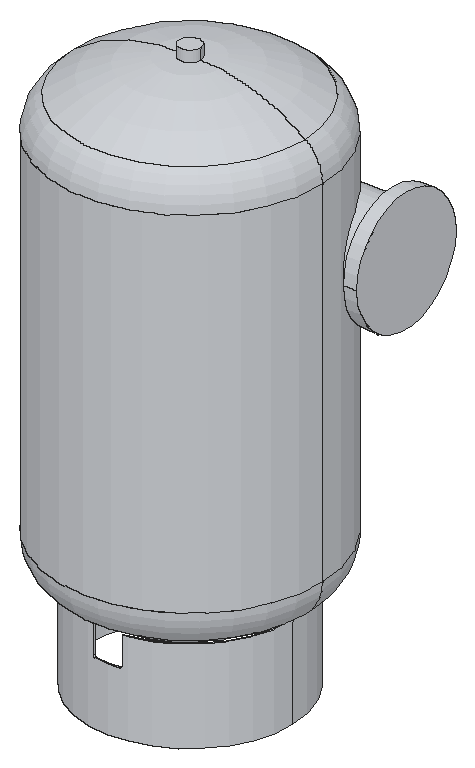
Revit family
Parameters (values of type "18-AS-L 125# W.P.")
  Weight = "4300 lbs"
  Top to Inlet = 32.688"
  Top Connection Radius = 1.500"
  Top Connection Diameter = Top Connection Radius * 2  # 3.000"
  Tank Height = 113.500"
  Tangential = yes
  Tank Height Less Stand = 100.500"
  Tank Diameter = 54.000"
  Pipe Location off CL = 15.000"
  Outlet Pipe Flange Conn. Radius = Outlet Pipe Flange Conn / 2  # 9.000"
  Outlet Pipe Flange Conn = 18.000"
  Model = "18\"-AS-L"
  Pressure Drop = ".25"
  Max Operating Temp = "350 DEG F"
  Max Operating Pressure = "125 PSI"
  Manufacturer = "Amtrol"
  Inlet CL to Outlet CL = 35.125"
  Inlet Pipe Flange Conn = 18.000"
  Inlet Pipe Flange Conn. Radius = Inlet Pipe Flange Conn / 2  # 9.000"
  Flow (GPM) = "4375"
  Flange to Flange Height = 64.000"
  CL to Outlet Flange = 32.000"
  Bottom Connection Radius = Bottom Connection Diameter / 2  # 1.500"
  Bottom Connection Diameter = 3.000"
  ASME = yes
Types (3): name | Max Operating Pressure
  (no name) | "125 PSI"
  18-AS-L 125# W.P. | "125 PSI"
  18-AS-L 150# W.P. 10 BAR | "150 PSI"
Reference planes (in)
  plane 1 "Center (Front/Back)": y = 0
  plane 2: z = 0
  plane 3 "Center (Left/Right)": x = -1.2315
Forms (in)
  Revolve 1, solid
    sketch origin (0, 0, 0) x (1, 0, 0) y (0, 0, 1)
      loop
        arc (-1.2315, 1) -> (11.14832, 2.53921) -> (22.28672, 8.15752) r 36.5
        arc (22.28672, 8.15752) -> (24.84905, 11.20629) -> (25.7685, 15.08124) r 8.625
        line (25.7685, 15.08124) -> (25.7685, 87.56029)
        arc (25.7685, 87.56029) -> (24.82944, 91.43875) -> (22.24512, 94.47941) r 8.625
        arc (22.24512, 94.47941) -> (11.11356, 100.01866) -> (-1.2315, 101.5) r 36.5
        line (-1.2315, 101.5) -> (-1.2315, 1)
      axis (-1.2315, 1) -> (-1.2315, 101.5)
    angle from 0 to 360
  Extrusion 2, solid
    sketch origin (0, 0, 4.33383) x (0, 1, 0) y (0, 0, 1)
      loop
        circle (15, 64.44985) r 9
    from 1.7685 to 28
  Extrusion 3, solid
    sketch origin (1.78583, 0, 18.02222) x (0, 1, 0) y (0, 0, 1)
      loop
        circle (15, 15.63696) r 9
    from -32.32983 to -6.01733
  Extrusion 4, solid
    sketch origin (6.54208, 0, 8.25512) x (0, 1, 0) y (0, 0, 1)
      loop
        circle (15, 60.52856) r 12.5
    from 24.22642 to 21.45792
  Extrusion 5, solid
    sketch origin (0, 0, 0.63219) x (0, 1, 0) y (0, 0, 1)
      loop
        circle (15, 33.02699) r 12.5
    from -30.544 to -33.2315
  Sweep 6, solid
    path origin (0.0083, 0, 42.63637) x (1, 0, 0) y (0, 0, 1)
      loop
        line (-1.2315, 58.83531) -> (-1.2315, 60.96969)
    profile origin (-1.2232, 0, 102.53887) x (-1, 0, 0) y (0, -1, 0)
      loop
        circle (0, 0) r 2.125
  Sweep 7, solid
    path origin (0, 0, 0.47237) x (1, 0, 0) y (0, 0, 1)
      loop
        line (-1.2315, -1.75069) -> (-1.2315, 0.49931)
    profile origin (-1.2315, 0, -0.15332) x (-1, 0, 0) y (0, -1, 0)
      loop
        circle (0, 0) r 2.125
  Extrusion 8, solid
    sketch origin (0, 0, 0) x (1, 0, 0) y (0, 1, 0)
      loop
        circle (-1.2315, 0) r 21
      loop
        circle (-1.2315, 0) r 20.75
    from 6.07796 to -12.92204
  Extrusion 9, void
    sketch origin (0, 0, 0) x (1, 0, 0) y (0, 0, 1)
      loop
        line (-4.2315, 6.07796) -> (-4.2315, 0.5)
        arc (-4.2315, 0.5) -> (-4.08505, 0.14645) -> (-3.7315, 0) r 0.5
        line (-3.7315, 0) -> (1.2685, 0)
        arc (1.2685, 0) -> (1.62205, 0.14645) -> (1.7685, 0.5) r 0.5
        line (1.7685, 0.5) -> (1.7685, 6.07796) -> (-4.2315, 6.07796)
    from 4.41095 to 33.97425
Cuts and joins
  Extrusion 9 cuts Sweep 7
  Extrusion 9 cuts Extrusion 8
Text (in)
  text "INLET" at (38.9283, 0, 77.89847), in view "Front"
  text "OUTLET" at (-47.23522, 0, 29.54391), in view "Front"
Dimensions and locks (in)
  "Pipe Location off CL": plane 1 "Center (Front/Back)" to Extrusion 2 sketch curve
  "Pipe Location off CL": plane 1 "Center (Front/Back)" to Extrusion 3 sketch curve
  "Pipe Location off CL": Extrusion 5 sketch curve to plane 1 "Center (Front/Back)"
  "Pipe Location off CL": Extrusion 4 sketch curve to plane 1 "Center (Front/Back)"
  "CL to Outlet Flange": Extrusion 5 to plane 3 "Center (Left/Right)"
  "Top to Inlet": Sweep 6 to Extrusion 4 sketch curve
  "Top to Inlet": Sweep 6 to Extrusion 2 sketch curve
  locked: Sweep 6 to Extrusion 5 sketch curve at 67.8125
  locked: Sweep 6 to Extrusion 3 sketch curve at 67.8125
  "Tank Height Less Stand": Sweep 6 sketch curve to cut or joined group of Sweep 7, Extrusion 9
  locked: Revolve 1 sketch curve to Revolve 1 sketch curve at 27
  "Tank Height Less Stand": Revolve 1 sketch curve to Revolve 1 sketch curve
  locked: Revolve 1 sketch curve to level at 1
  Sweep 6 sketch curve to Revolve 1 = 13.91139"
  radius of Revolve 1 sketch curve = 36.500"  (x2)
  radius of Revolve 1 sketch curve = 8.625"  (x2)
  aligned: Extrusion 4 to Extrusion 2
  aligned and locked: Extrusion 3 to Extrusion 5
  aligned: Extrusion 3 to Extrusion 2
  aligned and locked: Extrusion 8 to Extrusion 9
  aligned and locked: Revolve 1 sketch curve to Revolve 1 sketch curve
  aligned and locked: Extrusion 9 to level
  aligned and locked: plane 3 "Center (Left/Right)" to Sweep 7 sketch curve
  aligned and locked: cut or joined group of Extrusion 8, Extrusion 9 to Extrusion 3
  aligned and locked: Extrusion 2 to cut or joined group of Extrusion 8, Extrusion 9
Automatic sketch dimensions
  plane 1 "Center (Front/Back)" to Sweep 6 sketch curve = 0.000"
  Sweep 6 sketch curve to profile plane = 0.000"
  plane 1 "Center (Front/Back)" to Sweep 7 sketch curve = 0.000"
  Sweep 7 sketch curve to profile plane = 0.000"
  Extrusion 8 sketch curve to Extrusion 8 sketch curve = 0.000"  (x2)
  plane 1 "Center (Front/Back)" to Extrusion 8 sketch curve = 0.000"
  Extrusion 8 sketch curve to plane 3 "Center (Left/Right)" = 0.000"
  Extrusion 9 sketch curve to plane 3 "Center (Left/Right)" = 3.000"
  Extrusion 9 sketch curve to Extrusion 9 sketch curve = 0.500"  (x2)
  level to Extrusion 9 sketch curve = 0.500"
  plane 3 "Center (Left/Right)" to Extrusion 9 sketch curve = 2.500"
  level to Extrusion 9 sketch curve = 6.07796"
  Revolve 1 sketch curve to plane 3 "Center (Left/Right)" = 0.000"
  plane 3 "Center (Left/Right)" to Revolve 1 sketch curve = 1.7527"
  plane 3 "Center (Left/Right)" to Revolve 1 sketch curve = 1.88747"
  Revolve 1 sketch curve to Revolve 1 sketch curve = 0.000"  (x3)
  Revolve 1 sketch curve to Revolve 1 sketch curve = 3.52338"
  Revolve 1 sketch curve to Revolve 1 sketch curve = 20.70015"
  plane 3 "Center (Left/Right)" to Sweep 6 sketch curve = 0.0083"
  Sweep 6 sketch curve to Sweep 6 sketch curve = 2.13438"
  Sweep 7 sketch curve to level = 1.27832"
  level to Sweep 7 sketch curve = 0.97168"
  radius of Extrusion 2 sketch curve = 9.000"
  radius of Extrusion 3 sketch curve = 9.000"
  radius of Extrusion 4 sketch curve = 12.500"
  radius of Extrusion 5 sketch curve = 12.500"
  radius of Sweep 6 sketch curve = 2.125"
  radius of Sweep 7 sketch curve = 2.125"
  radius of Extrusion 8 sketch curve = 21.000"
  radius of Extrusion 8 sketch curve = 20.750"
Connectors (in)
  piping at (-1.2232, 0, 103.60606), driven by "Top Connection Radius"
    settings: on Sweep 6, index 3
  piping at (-33.2315, 15, 33.65918), driven by "Outlet Pipe Flange Conn. Radius"
    settings: on Extrusion 5, index 4
  piping at (-1.2315, 0, -1.27832), driven by "Bottom Connection Radius"
    settings: on Sweep 7, index 5
  piping at (30.7685, 15, 68.78368), driven by "Inlet Pipe Flange Conn. Radius"
    settings: on Extrusion 4, index 6
